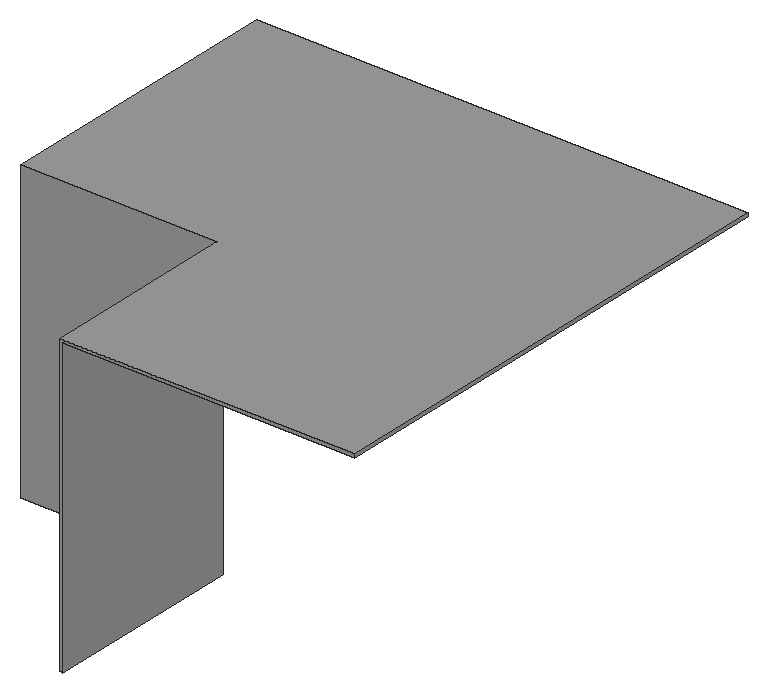
Revit family "Flashing_Preformed_Hyload_CornerCap-Int", category Generic Models, Revit 2015
Parameters (values of type "As Specified")
  Unit Width = 0' - 10"
  Unit Height = 0' - 6"
  Unit Depth = 0' - 6"
  URL = "http://www.hyload.com/"
  Thickness = 0' - 0 1/16"
  Specification = "http://www.arcat.com/sdspecs/htm04/07_65_00hyl.htm"
  Sales Information = "http://www.hyload.com/contact-us"
  Revision = "R1_12-2015"
  Product Properties = "http://www.hyload.com/masonry-flashing/preformed-shapes/"
  Product Data = "http://www.arcat.com/arcatcos/cos33/arc33176.html"
  Model = "Interior Corner Cap"
  Manufacturer Website = "http://www.hyload.com/"
  Manufacturer Phone - Toll Free = "800-457-4056"
  Manufacturer Phone = "330-769-3546"
  Manufacturer Fax = "330-769-4153"
  Manufacturer Address = "5020 Panther Pkwy., Seville, OH 44273"
  Manufacturer = "Hyload"
  Keynote = "07 65 00"
  Flashing Material = Hyload Flashing Membrane - Grey
  Drawn By = "Robert S. Weygant / Sumex Design"
  Description = "Preformed Hyload Masonry Flashing - Interior Corner Cap"
  Copyright = "(c) ARCAT, Inc, 2015"
  Construction Details = "http://www.arcat.com/details/hyload/hyload.html?coid=33176"
  Assembly Code = "B3010400"
Reference planes (in)
  plane 1 "Center (Front/Back)": y = 0
  plane 2: z = 0
  plane 3 "Center (Left/Right)": x = 0
  plane 4: y = 6
  plane 5: x = 6
  plane 6: z = 6
  plane 7: y = -4
  plane 8: x = -4
Forms (in)
  Sweep 1, solid, material "Hyload Flashing Membrane - Grey" <- "Flashing Material"
    path origin (0, 0, 0) x (1, 0, 0) y (0, 1, 0)
      loop
        line (0, -4) -> (0, 0) -> (-4, 0)
    profile origin (0, -2, 0) x (-1, 0, 0) y (0, 0, 1)
      loop
        line (0, 0) -> (0, 6.0625) -> (-6, 6.0625) -> (-6, 6) -> (-0.0625, 6) -> (-0.0625, 0) -> (0, 0)
Dimensions and locks (in)
  "Unit Depth": plane 1 "Center (Front/Back)" to plane 4
  "Unit Depth": plane 3 "Center (Left/Right)" to plane 5
  "Thickness": Sweep 1 sketch curve to plane 3 "Center (Left/Right)"
  "Unit Height": plane 6 to level
  "Unit Width": plane 8 to plane 5
  "Unit Width": plane 4 to plane 7
  "Thickness": Sweep 1 sketch curve to plane 6
  aligned and locked: plane 2 to level
  aligned and locked: Sweep 1 sketch curve to plane 1 "Center (Front/Back)"
  aligned and locked: plane 3 "Center (Left/Right)" to Sweep 1 sketch curve
  aligned and locked: Sweep 1 sketch curve to level
  aligned and locked: plane 6 to Sweep 1 sketch curve
  aligned and locked: plane 8 to Sweep 1 sketch curve
  aligned and locked: plane 7 to Sweep 1 sketch curve
  aligned and locked: plane 5 to Sweep 1 sketch curve
Automatic sketch dimensions
  Sweep 1 sketch curve to profile plane = 0' - 0"
